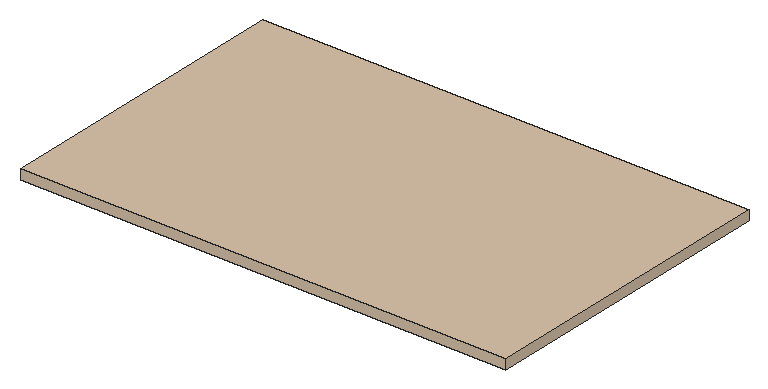
Revit family "Haworth_XSeries_CommonTop", category Furniture Systems, Revit 2018
Family settings
  Round Connector Dimension = Use Diameter
  Part Type = Normal
  OmniClass Number = 23.40.70.14.64.21
  OmniClass Title = Systems Furniture
  Work Plane-Based = No
  Always vertical = Yes
  Cut with Voids When Loaded = No
  Shared = No
  Room Calculation Point = No
Parameters (values of type "36d 60w 1h - Proud Style")
  Width = 60"
  Warranty = "http://www.haworth.com/resources/product-info/warranties"
  URL - Product = "http://www.haworth.com/products/desks/freestanding/masters-series"
  URL = "http://www.haworth.com/"
  Top Thickness = 1 3/16"  # constant formula
  Top Height [instance] = 29"
  Top Finish [instance] = Haworth _ Wood _ White Oak
  Sustainability Info = "https://www.haworth.com/na/en/expertise/sustainability.html"
  Size = "Verify Final Dim. w/ Haworth"  # constant formula
  Revision Number = "6"  # constant formula
  Mounting Offset [instance] = Top Height - Top Thickness  # 27 13/16"
  Model = "Haworth Masters File Top"  # constant formula
  Standard Width = "30-120 in."  # constant formula
  Standard Depth = "18, 18.75, 36, 37.5 in."  # constant formula
  Min. Width = 30"  # constant formula
  Max. Width = 120"  # constant formula
  Min. Depth = 18"  # constant formula
  Max. Depth = 37 1/2"  # constant formula
  Manufacturer = "Haworth"  # constant formula
  Edge Finish [instance] = Haworth _ Wood _ White Oak
  Description = "Haworth Masters File Top"  # constant formula
  Depth = 37 1/2"
  Author = "Haworth (Hampton), SHAPE Environments, LLC"  # constant formula
  Assembly Code = "E2020200"
  Actual Width = if(Width > Max. Width, Max. Width, if(Width < Min. Width, Min. Width, Width))  # 60"
  Actual Depth = if(Depth > Max. Depth, Max. Depth, if(Depth < Min. Depth, Min. Depth, Depth))  # 37 1/2"
Types (5): name | Width | URL - Product | Top Finish | Edge Finish | Depth | Actual Width | Actual Depth
  18d 60w 1h - Proud Style | 60" | "https://www.haworth.com/na/en/products/storage-based/x-series-desks.html" | Haworth _ Laminate _ Columbian Walnut H-KG | Haworth _ Laminate _ Columbian Walnut H-KG | 18 3/4" | 60" | 18 3/4"
  18d 60w 1h - Inset Style | 60" | "https://www.haworth.com/na/en/products/storage-based/x-series-desks.html" | Haworth _ Laminate _ Columbian Walnut H-KG | Haworth _ Laminate _ Columbian Walnut H-KG | 18" | 60" | 18"
  36d 60w 1h - Inset Style | 60" | "https://www.haworth.com/na/en/products/storage-based/x-series-desks.html" | Haworth _ Laminate _ Columbian Walnut H-KG | Haworth _ Laminate _ Columbian Walnut H-KG | 36" | 60" | 36"
  36d 60w 1h - Proud Style | 60" | "http://www.haworth.com/products/desks/freestanding/masters-series" | Haworth _ Wood _ White Oak | Haworth _ Wood _ White Oak | 37 1/2" | 60" | 37 1/2"
  18d 66w 1h - Proud Style | 66" | "https://www.haworth.com/na/en/products/storage-based/x-series-desks.html" | Haworth _ Laminate _ Columbian Walnut H-KG | Haworth _ Laminate _ Columbian Walnut H-KG | 18 3/4" | 66" | 18 3/4"
Reference planes (in)
  plane 1 "Storage Top Center F/B": y = 0
  plane 2: z = 0
  plane 3 "Storage Top Center L/R": x = 0
  plane 4 "Left": x = -30
  plane 5 "Back": y = 18.75
  plane 6 "Front": y = -18.75
  plane 7 "Right": x = 30
  plane 8 "Top": z = 29
  plane 9 "Bottom": z = 27.8125
Forms (in)
  Extrusion 1, solid, material "Haworth _ Wood _ White Oak" <- "Top Finish"
    sketch origin (-36.03948, -180, 27.8125) x (-1, 0, 0) y (0, -1, 0)
      loop
        line (-6.03948, -198.75) -> (-6.03948, -161.25) -> (-66.03948, -161.25) -> (-66.03948, -198.75) -> (-6.03948, -198.75)
    from 0 to 1.1875
Lines and regions (in)
  Masking region 1
    outline origin (0, 0, 0) x (1, 0, 0) y (0, 1, 0)
      loop
        line (-30, 18.75) -> (-30, -18.75) -> (30, -18.75) -> (30, 18.75) -> (-30, 18.75)
Dimensions and locks (in)
  equal spacing: plane 5 "Back", plane 1 "Storage Top Center F/B", plane 6 "Front"
  "Actual Depth": plane 5 "Back" to plane 6 "Front"
  equal spacing: plane 4 "Left", plane 3 "Storage Top Center L/R", plane 7 "Right"
  "Actual Width": plane 4 "Left" to plane 7 "Right"
  "Mounting Offset": plane 9 "Bottom" to level
  "Top Thickness": plane 8 "Top" to plane 9 "Bottom"
  aligned and locked: plane 5 "Back" to Extrusion 1 sketch curve
  aligned and locked: Extrusion 1 sketch curve to plane 7 "Right"
  aligned and locked: plane 6 "Front" to Extrusion 1 sketch curve
  aligned and locked: Extrusion 1 sketch curve to plane 4 "Left"
  aligned and locked: plane 8 "Top" to Extrusion 1
  aligned and locked: Extrusion 1 to plane 5 "Back"
  aligned and locked: Extrusion 1 to plane 9 "Bottom"
  aligned and locked: plane 6 "Front" to Masking region 1 sketch curve
  aligned and locked: Masking region 1 sketch curve to plane 7 "Right"
  aligned and locked: plane 5 "Back" to Masking region 1 sketch curve
  aligned and locked: Masking region 1 sketch curve to plane 4 "Left"
